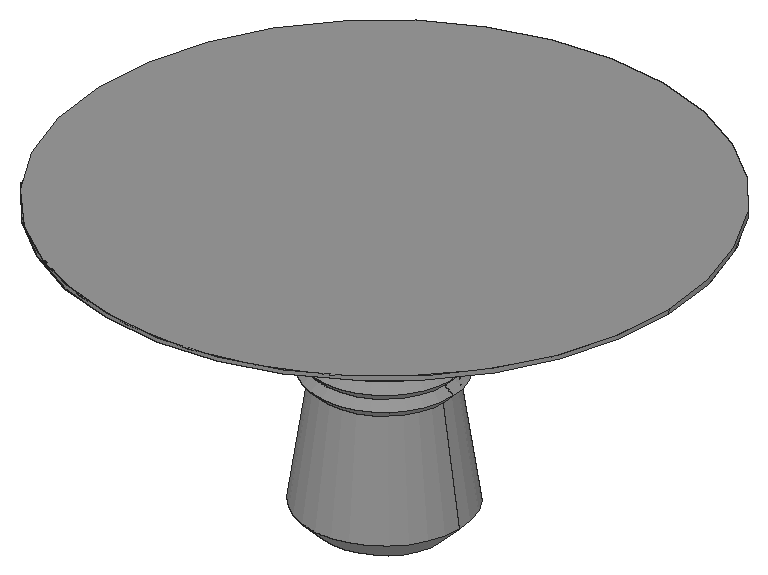
Revit family "MESA CONE 150", category Mobiliário, Revit 2024
Family settings
  Número OmniClass = 23.40.20.00
  Título OmniClass = General Furniture and Specialties
  Com base no plano de trabalho = Não
  Ativar corte nas vistas = Não
  Sempre na vertical = Sim
  Corte com vazios quando carregada = Não
  Origem da aparência de renderização = Geometria da família
  Compartilhado = Não
  Ponto de cálculo do ambiente = Não
Parameters
  raio [instance] = 750 mm
  altura = 760 mm
  MADEIRA = .madeira
  Elevação padrão = 0 mm
Reference planes
  plane 1 "Centro (Frente/Trás)": y = 0
  plane 2: z = 0
  plane 3 "Centro (Esquerda/Direita)": x = 0
  plane 4: z = 760
  plane 5: x = 600
  plane 6: y = 600
  plane 7: x = 600
  plane 8: y = -600
  plane 9: x = -600
  plane 10: y = 600
  plane 11: x = -600
  plane 12: y = -600
Forms (mm)
  Extrusion 1, solid, material ".madeira" <- "MADEIRA"
    sketch origin (0, 0, 0) x (1, 0, 0) y (0, 1, 0)
      loop
        circle (0, 0) r 750
    from 750 to 760
  Revolve 2, solid, material ".madeira" <- "MADEIRA"
    sketch origin (0, 0, 0) x (1, 0, 0) y (0, 0, 1)
      loop
        line (-750, 750) -> (-500, 710) -> (0, 710) -> (0, 750) -> (-750, 750)
      axis (0, 750) -> (0, 710)
    angle from 0 to 360
  Revolve 3, solid, material ".madeira"
    sketch origin (0, 0, 0) x (1, 0, 0) y (0, 0, 1)
      loop
        line (-150, 0) -> (0, 0) -> (0, 710) -> (-100, 710) -> (-200, 50) -> (-150, 0)
      axis (0, 710) -> (0, 0)
    angle from 0 to 360
  Revolve 4, solid, material ".madeira" <- "MADEIRA"
    sketch origin (0, 0, -20) x (1, 0, 0) y (0, 0, 1)
      loop
        line (0, 355) -> (0, 395) -> (-160, 395) -> (-180, 375) -> (-160, 355) -> (0, 355)
      axis (0, 395) -> (0, 355)
    angle from 0 to 360
  Revolve 5, solid, material ".madeira" <- "MADEIRA"
    sketch origin (0, 0, 20) x (1, 0, 0) y (0, 0, 1)
      loop
        line (0, 355) -> (0, 395) -> (-160, 395) -> (-180, 375) -> (-160, 355) -> (0, 355)
      axis (0, 395) -> (0, 355)
    angle from 0 to 360
Dimensions and locks
  "altura": plane 4 to level
  plane 4 to Extrusion 1 = 10 mm
  "raio": plane 3 "Centro (Esquerda/Direita)" to Revolve 2 sketch curve
  Revolve 3 to level = 50 mm
  Revolve 4 sketch curve to Revolve 4 sketch curve = 180 mm
  "raio": radius of Extrusion 1 sketch curve
  aligned and locked: level to plane 2
  aligned and locked: plane 4 to Extrusion 1
  aligned and locked: Revolve 2 sketch curve to plane 3 "Centro (Esquerda/Direita)"
Automatic sketch dimensions
  Revolve 4 sketch curve to plane 3 "Centro (Esquerda/Direita)" = 0 mm  (x2)
  Revolve 4 sketch curve to Revolve 4 sketch curve = 0 mm
  Revolve 4 sketch curve to Revolve 4 sketch curve = 20 mm  (x2)
  level to Revolve 4 sketch curve = 335 mm
  Revolve 4 sketch curve to Revolve 4 sketch curve = 155 mm
  plane 4 to Revolve 4 sketch curve = 10 mm
  Revolve 5 sketch curve to plane 3 "Centro (Esquerda/Direita)" = 0 mm  (x2)
  Revolve 5 sketch curve to plane 3 "Centro (Esquerda/Direita)" = 160 mm
  Revolve 5 sketch curve to Revolve 5 sketch curve = 0 mm
  Revolve 5 sketch curve to Revolve 5 sketch curve = 20 mm  (x2)
  Revolve 5 sketch curve to plane 4 = 385 mm
  Revolve 5 sketch curve to Revolve 5 sketch curve = 155 mm
  plane 4 to Revolve 5 sketch curve = 50 mm
  Revolve 3 sketch curve to level = 0 mm
  Revolve 3 sketch curve to plane 3 "Centro (Esquerda/Direita)" = 0 mm  (x2)
  Revolve 3 sketch curve to plane 3 "Centro (Esquerda/Direita)" = 100 mm
  Revolve 3 sketch curve to plane 3 "Centro (Esquerda/Direita)" = 150 mm
  level to Revolve 3 sketch curve = 50 mm
  Revolve 3 sketch curve to Revolve 3 sketch curve = 50 mm
  Revolve 3 sketch curve to plane 4 = 50 mm
  Revolve 3 sketch curve to Revolve 3 sketch curve = 160 mm
  plane 4 to Revolve 3 sketch curve = 30 mm
  plane 1 "Centro (Frente/Trás)" to Extrusion 1 sketch curve = 0 mm
  Extrusion 1 sketch curve to plane 3 "Centro (Esquerda/Direita)" = 0 mm
  Revolve 2 sketch curve to plane 3 "Centro (Esquerda/Direita)" = 0 mm
  Revolve 2 sketch curve to plane 4 = 50 mm
  plane 9 to Revolve 2 sketch curve = 100 mm
  Revolve 2 sketch curve to plane 4 = 10 mm
  Revolve 2 sketch curve to Revolve 2 sketch curve = 115 mm
  plane 4 to Revolve 2 sketch curve = 220 mm
